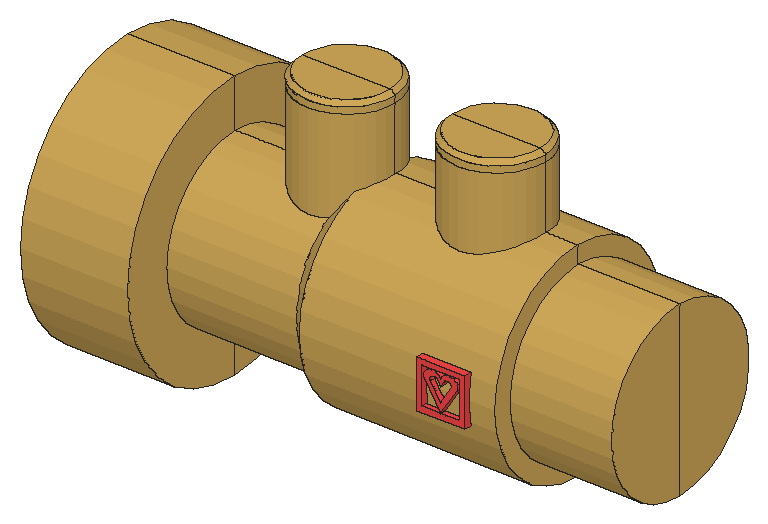
Revit family "Rückflussverhinderer 2623", category Rohrzubehör, Revit 2020
Family settings
  Bemaßung runder Anschluss = Durchmesser verwenden
  Teiletyp = Unterbricht
  OmniClass-Nummer = 23.65.55.14
  OmniClass-Titel = Valves for Liquid Services
  Arbeitsebenenbasiert = Nein
  Immer vertikal = Ja
  Beim Laden mit Abzugskörper schneiden = Nein
  Gemeinsam genutzt = Nein
Parameters
  Vorgabe-Ansicht = 0.00 mm
  Min. Betriebstemperatur (Wasser) = 0.5 °C  # constant formula
  Min. Betriebstemperatur = -10 °C  # constant formula
  Max. Betriebstemperatur = 95 °C  # constant formula
  Max. Betriebsdruck = 1600000.0 Pa  # constant formula
  W01 = 45.00°  # constant formula
  URL = "www.herz-armaturen.at"
  Stopfen = "Messing"  # constant formula
  SC_NennweiteBerechnet = 0
  SC_Dimension = ""
  SCTWSEQ = "FW;SBT_TYP_FW=\"108\";2"
  SCTWCODE = "04;14;02"  # constant formula
  S03 = 10.00 mm  # constant formula
  S02 [instance] = L00 / 2  # 44.00 mm
  S01 [instance] = (L00 / 2) + L07 - L06  # 59.00 mm
  Rückschlagventil = "POM (Gehäuse), NBR (O-Ring), Edelstahl AISI 302 (Feder)"  # constant formula
  R01 = 9.00 mm  # constant formula
  Nennweite [instance] = 32.00 mm
  Medium = "klare Flüssigkeiten"  # constant formula
  LO1 [instance] = if(Nennweite = 20.00 mm, 18.00 mm, if(Nennweite = 25.00 mm, 18.00 mm, if(Nennweite = 32.00 mm, 24.00 mm, 1.00 mm)))  # 24.00 mm
  L07 [instance] = size_lookup("2623_", "L7", 1.00 mm, Nennweite)  # 20.00 mm
  L06 [instance] = size_lookup("2623_", "L6", 1.00 mm, Nennweite)  # 5.00 mm
  L05 [instance] = size_lookup("2623_", "L5", 1.00 mm, Nennweite) + L04  # 53.90 mm
  L04 [instance] = size_lookup("2623_", "L4", 1.00 mm, Nennweite)  # 25.90 mm
  L03 [instance] = size_lookup("2623_", "L3", 1.00 mm, Nennweite)  # 19.00 mm
  L02 [instance] = size_lookup("2623_", "L2", 1.00 mm, Nennweite)  # 32.50 mm
  L01 [instance] = size_lookup("2623_", "L1", 1.00 mm, Nennweite)  # 2.50 mm
  L00 [instance] = size_lookup("2623_", "L", 1.00 mm, Nennweite)  # 88.00 mm
  Innengewinde = "gemäß ISO 228"  # constant formula
  IG [instance] = Nennweite / 2  # 16.00 mm
  Hinweis = "Gemäß Art 33 der REACH-Verordnung (EG Nr. 1907/2006) sind wir verpflichtet, darauf hinzuweisen, dass der Stoff Blei auf der SVHC-Liste geführt wird und dass alle aus Messing bestehenden Bauteile, die in unseren Erzeugnissen verarbeitet sind, mehr als 0,1 % (w/w) Blei (CAS: 7439-92-1 / EINECS: 231-100-4) enthalten.\r\nDa Blei als Legierungsbestandteil fest gebunden ist, sind keine Expositionen zu erwarten und daher sind keine zusätzlichen Angaben zur sicheren Verwendung notwendig."
  Hersteller = "HERZ Armaturen Ges.m.b.H."  # constant formula
  H02 = 2.00 mm  # constant formula
  H01 [instance] = size_lookup("2623_", "H1", 1.00 mm, Nennweite)  # 31.00 mm
  Gehäuse = "Pressmessing gemäß EN 12420"  # constant formula
  GT [instance] = size_lookup("2623_", "GT", 1.00 mm, Nennweite)  # 12.00 mm
  Endstück = "Pressmessing"  # constant formula
  Dichtung = "EPDM"  # constant formula
  D04 [instance] = size_lookup("2623_", "D4", 1.00 mm, Nennweite)  # 25.00 mm
  D03 [instance] = size_lookup("2623_", "D3", 1.00 mm, Nennweite)  # 19.30 mm
  D02 [instance] = size_lookup("2623_", "D2", 1.00 mm, Nennweite)  # 16.00 mm
  D01 [instance] = size_lookup("2623_", "D1", 1.00 mm, Nennweite)  # 18.90 mm
  Bestellnummer [instance] = size_lookup("2623_", "Artnr", 0, Nennweite)  # 1262304
  Außengewinde = "gemäß ISO 228"  # constant formula
  Anwendung = "Kann in Zentralheizungsanlagen, Energiesystemen, Konstruktionen und Maschinenbauanlagen überall verwendet werden, um Rückschläge zu verhindern.\r\nDieses Produkt kann mit verschiedenen Medien betrieben werden, im allgemeinen wird es jedoch mit klaren Flüssigkeiten benutzt.\r\nDas Ventil kann in jeder Position benutzt werden.\r\nDie Strömungsrichtung ist mit einem Pfeil am Gehäuse angegeben.\r\nDas Rückschlagventil wird federbelastet mittels einer Axialführung und kann sowohl bei niedrigen als auch bei hohen Drücken arbeiten.\r\nZum Messen sind zwei Bohrungen im Gehäuse ausgeführt in welchen jeweils ein 1/4 Stopfen montiert ist."
  AG [instance] = Nennweite / 2  # 16.00 mm
Reference planes
  plane 1 "Mitte (Vorne/hinten)": y = 0
  plane 2: z = 0
  plane 3 "Mitte (Links/rechts)": x = 0
Forms (mm)
  Revolve 1, solid, material "Messing, weicher Gelbton, geschweißt", detail levels fine
    sketch origin (0, 0, 0) x (1, 0, 0) y (0, 0, 1)
      loop
        line (-44, 0) -> (44, 0) -> (44, 16) -> (25, 16) -> (25, 19.3) -> (-11.5, 19.3) -> (-14.8, 16) -> (-41.5, 16) -> (-41.5, 18.9) -> (-44, 18.9) -> (-44, 0)
      axis (-44, 0) -> (44, 0)
    angle from 0 to 360
  Revolve 2, solid, material "Messing, weicher Gelbton, geschweißt", detail levels fine
    sketch origin (0, 0, 0) x (1, 0, 0) y (0, 0, 1)
      loop
        line (-18.1, 0) -> (-9.1, 0) -> (-9.1, 31) -> (-18.1, 31) -> (-18.1, 0)
      axis (-18.1, 31) -> (-18.1, 0)
    angle from 0 to 360
  Revolve 3, solid, material "Messing, weicher Gelbton, geschweißt", detail levels fine
    sketch origin (0, 0, 0) x (1, 0, 0) y (0, 0, 1)
      loop
        line (9.9, 0) -> (18.9, 0) -> (18.9, 31) -> (9.9, 31) -> (9.9, 0)
      axis (9.9, 31) -> (9.9, 0)
    angle from 0 to 360
  Revolve 4, solid, material "Messing, weicher Gelbton, geschweißt", detail levels fine
    sketch origin (0, 0, 0) x (1, 0, 0) y (0, 0, 1)
      loop
        line (-39, 0) -> (-39, 25) -> (-59, 25) -> (-59, 16) -> (-47, 16) -> (-47, 0) -> (-39, 0)
      axis (-59, 0) -> (-39, 0)
    angle from 0 to 360
  Revolve 5, solid, material "Messing, weicher Gelbton, geschweißt", detail levels fine
    sketch origin (0, 0, 0) x (1, 0, 0) y (0, 0, 1)
      loop
        line (-18.1, 31) -> (-9.1, 31) -> (-9.1, 32.2) -> (-9.9, 33) -> (-18.1, 33) -> (-18.1, 31)
      axis (-18.1, 33) -> (-18.1, 31)
    angle from 0 to 360
  Revolve 6, solid, material "Messing, weicher Gelbton, geschweißt", detail levels fine
    sketch origin (0, 0, 0) x (1, 0, 0) y (0, 0, 1)
      loop
        line (9.9, 31) -> (18.9, 31) -> (18.9, 32.2) -> (18.1, 33) -> (9.9, 33) -> (9.9, 31)
      axis (9.9, 31) -> (9.9, 33)
    angle from 0 to 360
Lines and regions (mm)
  model lines, detail levels coarse+medium
    curve 1: line (-59, 0, 25) -> (-59, 0, -25)
    curve 2: line (-59, 0, 25) -> (44, 0, -25)
    curve 3: line (44, 0, -25) -> (44, 0, 25)
    curve 4: circle (-59, 0, 25) r 10 normal (0, -1, 0)
    curve 5: line (-59, -25, 0) -> (-59, 25, 0)
    curve 6: line (-59, 25, 0) -> (44, -25, 0)
    curve 7: line (44, -25, 0) -> (44, 25, 0)
    curve 8: circle (-59, 25, 0) r 10 normal (0, 0, 1)
Dimensions and locks
  equal spacing: Revolve 1 sketch curve, plane 3 "Mitte (Links/rechts)", Revolve 1 sketch curve
  "L00": Revolve 1 sketch curve to Revolve 1 sketch curve
  "AG": Revolve 1 sketch curve to plane 2
  "L01": Revolve 1 sketch curve to Revolve 1 sketch curve
  "L02": Revolve 1 sketch curve to Revolve 1 sketch curve
  "D01": Revolve 1 sketch curve to plane 2
  "D02": Revolve 1 sketch curve to plane 2
  "D03": Revolve 1 sketch curve to plane 2
  "L03": Revolve 1 sketch curve to Revolve 1 sketch curve
  "R01": Revolve 2 sketch curve to Revolve 2 sketch curve
  "H01": Revolve 2 sketch curve to plane 2
  "L04": Revolve 1 to Revolve 2 sketch curve
  "L05": Revolve 1 to Revolve 3 sketch curve
  "R01": Revolve 3 sketch curve to Revolve 3 sketch curve
  "H01": Revolve 3 sketch curve to plane 2
  "D03": nested 1 to plane 1 "Mitte (Vorne/hinten)"
  "LO1": nested 1 to Revolve 1
  "L06": Revolve 1 to Revolve 4 sketch curve
  "L07": Revolve 4 sketch curve to Revolve 4 sketch curve
  "GT": Revolve 4 sketch curve to Revolve 4 sketch curve
  "D04": Revolve 4 sketch curve to plane 2
  "IG": Revolve 4 sketch curve to Revolve 4 sketch curve
  "H01": Revolve 5 sketch curve to plane 2
  "H02": Revolve 5 sketch curve to Revolve 5 sketch curve
  "R01": Revolve 5 sketch curve to Revolve 5 sketch curve
  "L04": Revolve 1 to Revolve 5 sketch curve
  "R01": Revolve 6 sketch curve to Revolve 6 sketch curve
  "H01": Revolve 6 sketch curve to plane 2
  "H02": Revolve 6 sketch curve to Revolve 6 sketch curve
  "L05": Revolve 6 sketch curve to Revolve 1
  "D04": curve 2 to plane 2 to curve 1
  "D04": curve 3 to plane 2 to curve 3
  "S01": curve 1 to plane 3 "Mitte (Links/rechts)"
  "S02": curve 3 to plane 3 "Mitte (Links/rechts)"
  "S01": plane 3 "Mitte (Links/rechts)" to curve 4
  "D04": curve 5 to plane 1 "Mitte (Vorne/hinten)" to curve 6
  "D04": curve 7 to plane 1 "Mitte (Vorne/hinten)" to curve 7
  "S01": curve 5 to plane 3 "Mitte (Links/rechts)"
  "S02": plane 3 "Mitte (Links/rechts)" to curve 7
  "S01": curve 8 to plane 3 "Mitte (Links/rechts)"
  "S03": radius of curve 4
  "S03": radius of curve 8
  "W01": angle Revolve 1 sketch curve to Revolve 1 sketch curve
  "W01": angle Revolve 5 sketch curve to Revolve 5 sketch curve
  "W01": angle Revolve 6 sketch curve to Revolve 6 sketch curve
  aligned and locked: level to plane 2
Automatic sketch dimensions
  curve 4 to curve 1 = 0.00 mm
  curve 8 to curve 5 = 0.00 mm
  Revolve 1 sketch curve to level = 0.00 mm  (x2)
  Revolve 1 sketch curve to Revolve 1 sketch curve = 0.00 mm
  Revolve 1 sketch curve to Revolve 1 sketch curve = 1805.148 mm
  Revolve 2 sketch curve to level = 0.00 mm  (x2)
  Revolve 2 sketch curve to Revolve 2 sketch curve = 0.00 mm  (x2)
  Revolve 3 sketch curve to level = 0.00 mm  (x2)
  Revolve 3 sketch curve to Revolve 3 sketch curve = 0.00 mm  (x2)
  Revolve 4 sketch curve to level = 0.00 mm  (x2)
  Revolve 4 sketch curve to Revolve 4 sketch curve = 1461.53 mm
  plane 3 "Mitte (Links/rechts)" to Revolve 4 sketch curve = 1839.148 mm
  Revolve 5 sketch curve to Revolve 5 sketch curve = 0.00 mm  (x3)
  Revolve 5 sketch curve to Revolve 5 sketch curve = 0.80 mm
  Revolve 6 sketch curve to Revolve 6 sketch curve = 0.00 mm  (x3)
  Revolve 6 sketch curve to Revolve 6 sketch curve = 0.80 mm
Nested families
  nested 1: "Herz-Logo-vorne" at (15.5, -19.3, 0) x (0, 1, 0) z (0, 0, 1), type "Herz-Logo-vorne", detail levels fine
Connectors
  piping at (44, 0, 0), diameter 32, driven by "Nennweite"
    settings: on Revolve 1, index 2, connector inside diameter 609.6 mm, connector length 0.00 mm, flow factor 0, pipe flow 0.0 L/s, pressure drop 0.0 Pa, fitting loss kfactor 0, connector angle 0.00°, fixture units 0, engagement length 0.00 mm, angle of deflection 0.00°, flow configuration 0, flow direction 2, fitting loss method 0, system type 29, joint type 0, gender type 0, connector reference index -1, connector utility 0, adjustable connector no, is connector primary yes, connector description ""
  piping at (-47, 0, 0), diameter 32, driven by "Nennweite"
    settings: on Revolve 4, index 3, connector inside diameter 609.6 mm, connector length 0.00 mm, flow factor 0, pipe flow 0.0 L/s, pressure drop 0.0 Pa, fitting loss kfactor 0, connector angle 0.00°, fixture units 0, engagement length 0.00 mm, angle of deflection 0.00°, flow configuration 0, flow direction 1, fitting loss method 0, system type 29, joint type 0, gender type 0, connector reference index -1, connector utility 0, adjustable connector no, is connector primary no, connector description ""
Definition of nested family "Herz-Logo-vorne"
  Parameters (values of type "Herz-Logo-vorne")
    Default Elevation = 0.00 mm
  Reference planes
    plane 1 "Mitte (Vorne/hinten)": y = 0
    plane 2: z = 0
    plane 3 "Mitte (Links/rechts)": x = 0
  Forms (mm)
    Extrusion 1, solid
      sketch origin (0.732, -0.018, 0.017) x (0, -1, 0) y (0, 0, 1)
        loop
          line (-0.018, -4.517) -> (4.482, -4.517) -> (4.482, 4.483) -> (-4.518, 4.483) -> (-4.518, -4.517) -> (-0.018, -4.517)
        loop
          line (-0.05, -3.48) -> (3.482, -3.48) -> (3.482, 3.483) -> (-3.518, 3.483) -> (-3.518, -3.48) -> (-0.05, -3.48)
        loop
          arc (-0.018, 2.383) -> (-1.543, 3.287) -> (-3.067, 2.383) r 1.738
          arc (-3.067, 2.383) -> (-3.191, 1.899) -> (-3.067, 1.415) r 1.009
          line (-3.067, 1.415) -> (-0.018, -3.281) -> (3.032, 1.415)
          arc (3.032, 1.415) -> (3.156, 1.899) -> (3.032, 2.383) r 1.009
          arc (3.032, 2.383) -> (1.507, 3.287) -> (-0.018, 2.383) r 1.738
        loop
          arc (1.885, 1.272) -> (2.005, 1.675) -> (1.885, 2.079) r 0.74
          arc (1.885, 2.079) -> (1.265, 2.416) -> (0.644, 2.079) r 0.74
          line (0.644, 2.079) -> (-0.018, 0.97) -> (-0.679, 2.079)
          arc (-0.679, 2.079) -> (-1.3, 2.416) -> (-1.921, 2.079) r 0.74
          arc (-1.921, 2.079) -> (-2.04, 1.675) -> (-1.921, 1.272) r 0.74
          line (-1.921, 1.272) -> (-0.018, -1.658) -> (1.885, 1.272)
      from 0 to 1.5
  Dimensions and locks
    aligned and locked: level to plane 2
